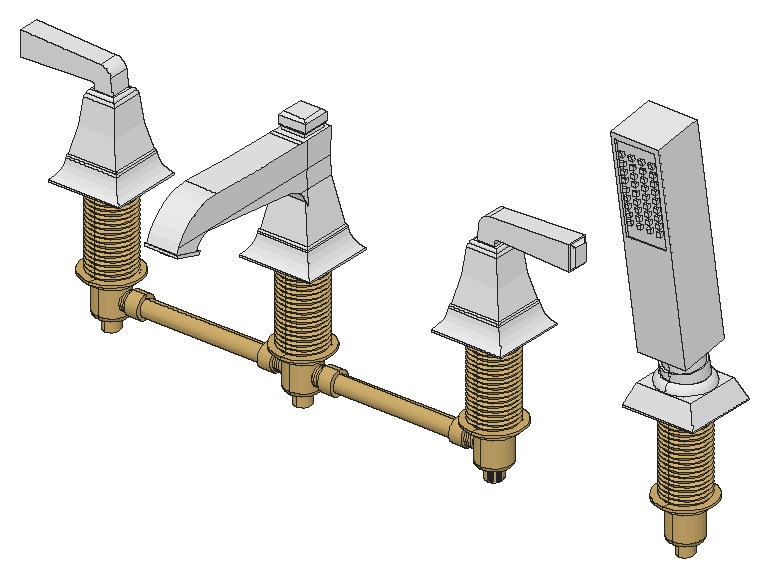
Revit family "Roman_Tub_Filler-American_Standard-Town_Square-T45590X", category Plumbing Fixtures, Revit 2014
Parameters (values of type "T455901")
  Width = 2 3/16"  # constant formula
  Waste Connection = no
  Warranty Information = "Limited Lifetime Function and Finish Warranty"  # constant formula
  WFU = 4
  Vent Connection = no
  URL = "https://www.americanstandard-us.com/"
  Specification = "Two handle deck-mount tub filler shall feature cast brass construction. Shall also feature 1/4 turn washerless ceramic disc valve cartridges."  # constant formula
  Shower Connection Size = if(Shower, 1/2", 0")  # 1/2"
  Shower Connection Description = if(Shower, "1/2'' Global Inlet Connection", "")  # "1/2'' Global Inlet Connection"
  Shower = yes
  R910 Universal Roman Tub Filler Rough Body – WITH Personal Shower = Shower  # yes
  R900 Universal Roman Tub Filler Rough Body – Less Personal Shower = not(Shower)  # no
  Product Page URL = "https://www.americanstandard-us.com/bathroom/tub-fillers/town-square-s-roman-tub-faucet-with-personal-shower-33657"
  Product Documentation Link = "https://www.americanstandard-us.com/-/media/sites/asus/files/product-specs/tub-fillers/2018/town-square-s-roman-tub-filler-t45590x/specsheet-t455900-t455901.pdf?la=en"
  Price = "Prices may vary. Please consult Manufacturer Representative for most up-to-date price list."  # constant formula
  Model = "T455901"
  Material = "Brass-American Standard-002-Polished Chrome"
  Manufacturer = "American Standard"  # constant formula
  Length = 12"
  Installation Type = "Deck Mounted"  # constant formula
  Hot Water Connection Radius = 1/4"  # constant formula
  Hot Water Connection Diameter = Hot Water Connection Radius * 2  # 1/2"
  Height = 4 3/8"  # constant formula
  Hand Shower = 12"
  HWFU = 3
  HW Connection = yes
  Flow Rate = "1.2 gpm/ 4.5 L/min."  # constant formula
  Finish = Metal-American Standard-002-Polished Chrome
  Description = "T455901 Roman Tub Filler Trim WITH Personal Shower, R910 Universal Roman Tub Filler Rough Body – WITH Personal Shower"
  Default Elevation = 0"
  Creation Date = "5/31/2018"  # constant formula
  Cold Water Connection Radius = 1/4"  # constant formula
  Cold Water Connection Diameter = Cold Water Connection Radius * 2  # 1/2"
  CWFU = 3
  CW Connection = yes
  Assembly Code = "D2020300"
  ADA Compliant = yes
Reference planes
  plane 1 "Center (Front/Back)": y = 0.002
  plane 2: z = 0
  plane 3 "Center (Left/Right)": x = 0
  plane 4: z = 0.794
  plane 5: z = 0.794
  plane 6: z = 95.25
  plane 7: y = -131.76
  plane 8: z = 103.188
  plane 9: z = 58.738
  plane 10: x = 27.781
  plane 11: x = -27.781
  plane 12: y = 27.784
  plane 13: y = -27.779
  plane 14: y = 20.64
  plane 15: y = -20.635
  plane 16: x = -131.763
  plane 17: x = -173.038
  plane 18: x = -152.4
  plane 19: x = 152.4
  plane 20: y = 20.64
  plane 21: y = -20.635
  plane 22: x = 173.037
  plane 23: x = 131.762
  plane 24: x = 221.288
  plane 25: x = -221.285
  plane 26: x = 304.8
  plane 27: x = 323.85
  plane 28: x = 285.75
  plane 29: y = 20.64
  plane 30: y = -20.635
  plane 31: x = 325.438
  plane 32: x = 284.162
  plane 33: x = 123.333
  plane 34: x = 139.924
  plane 35: x = -29.067
  plane 36: x = -12.476
  plane 37: x = 12.372
  plane 38: x = 28.963
  plane 39: x = -124.914
  plane 40: x = -141.459
  plane 41: x = -19.046
  plane 42: x = 18.942
  plane 43: x = 133.354
Forms (mm)
  Extrusion 1, solid, material "Brass-American Standard"
    sketch origin (-50.8, 6.35, 0) x (1, 0, 0) y (0, 1, 0)
      loop
        circle (-101.6, -6.348) r 6.35
      loop
        circle (203.2, -6.348) r 6.35
    from -68.89 to -105.537
  Extrusion 2, solid, material "Metal-American Standard-002-Polished Chrome" <- "Finish"
    sketch origin (0, -0.878, -9.964) x (0, 1, 0) y (0, 0, 1)
      loop
        line (-139.495, 74.77) -> (-120.948, 69.22)
        arc (-120.948, 69.22) -> (-116.345, 75.994) -> (-108.828, 79.246) r 14.674
        line (-108.828, 79.246) -> (-27.784, 70.109)
        arc (-27.784, 70.109) -> (-17.403, 65.429) -> (-11.708, 55.568) r 18.562
        line (-11.708, 55.568) -> (-11.708, 54.651) -> (-10.15, 54.651) -> (-10.15, 100.496) -> (-13.409, 100.496)
        arc (-13.409, 100.496) -> (-15.281, 100.499) -> (-17.153, 100.509) r 525.892
        arc (-17.153, 100.509) -> (-58.647, 101.095) -> (-100.128, 102.261) r 2965.985
        arc (-100.128, 102.261) -> (-124.402, 95.09) -> (-139.495, 74.77) r 39.95
    from -13.854 to 13.854
  Extrusion 3, solid, material "Metal-American Standard-002-Polished Chrome" <- "Finish"
    sketch origin (0, 0.595, -5.358) x (0, 1, 0) y (0, 0, 1)
      loop
        line (-141.4, 71.191) -> (-142.039, 69.051) -> (-120.674, 62.671) -> (-120.035, 64.81) -> (-141.4, 71.191)
    from -13.069 to 13.25
  Revolve 4, solid, material "Metal-American Standard-002-Polished Chrome" <- "Finish"
    sketch origin (0, 0.595, -5.358) x (0, 1, 0) y (0, 0, 1)
      loop
        line (-140.401, 69.757) -> (-140.5, 68.88)
        arc (-140.5, 68.88) -> (-140.347, 68.02) -> (-139.75, 67.382) r 1.538
        arc (-139.75, 67.382) -> (-135.994, 65.53) -> (-132.008, 64.243) r 28.776
        line (-132.008, 64.243) -> (-131.183, 67.004) -> (-140.401, 69.757)
      axis (-131.183, 67.004) -> (-132.008, 64.243)
    angle from 0 to 360
  Sweep 5, solid, material "Metal-American Standard-002-Polished Chrome" <- "Finish"
    path origin (-20.058, 0.008, 14.686) x (1, 0, 0) y (0, 1, 0)
      loop
        line (40.696, 20.632) -> (-0.579, 20.632) -> (-0.579, -20.643) -> (40.696, -20.643) -> (40.696, 20.632)
    profile origin (20.638, 0.002, 14.686) x (1, 0, 0) y (0, 0, 1)
      loop
        line (-13.695, -13.933) -> (7.134, -13.933) -> (7.134, -12.672)
        arc (7.134, -12.672) -> (1.793, -5.716) -> (-0.565, 2.731) r 23.064
        arc (-0.565, 2.731) -> (-0.78, 3.331) -> (-0.849, 3.966) r 2.689
        arc (-0.849, 3.966) -> (-1.12, 4.844) -> (-1.852, 5.399) r 1.5
        arc (-1.852, 5.399) -> (-5.865, 23.107) -> (-8.138, 41.121) r 186.689
        arc (-8.138, 41.121) -> (-8.547, 48.16) -> (-8.69, 55.21) r 186.689
        arc (-8.69, 55.21) -> (-8.631, 65.529) -> (-8.426, 75.846) r 730.628
        line (-8.426, 75.846) -> (-11.454, 75.846) -> (-11.774, 77.662) -> (-10.057, 79.779) -> (-10.057, 86.029) -> (-12.063, 88.502) -> (-13.695, 88.502) -> (-13.695, -13.933)
  Sweep 6, solid, material "Metal-American Standard-002-Polished Chrome" <- "Finish"
    path origin (-432.055, -877.449, 14.686) x (-1, 0, 0) y (0, -1, 0)
      loop
        line (-300.292, -856.813) -> (-300.292, -898.088) -> (-259.017, -898.088) -> (-259.017, -856.813) -> (-300.292, -856.813)
    profile origin (-152.4, -20.635, 14.686) x (0, -1, 0) y (0, 0, 1)
      loop
        line (-12.866, -13.892) -> (7.144, -13.892) -> (7.144, -12.672)
        arc (7.144, -12.672) -> (1.803, -5.716) -> (-0.555, 2.731) r 23.064
        arc (-0.555, 2.731) -> (-0.786, 3.35) -> (-0.86, 4.007) r 2.689
        arc (-0.86, 4.007) -> (-1.131, 4.885) -> (-1.863, 5.44) r 1.5
        arc (-1.863, 5.44) -> (-6.239, 25.314) -> (-8.426, 45.545) r 186.689
        arc (-8.426, 45.545) -> (-8.794, 47.021) -> (-9.685, 48.252) r 4.004
        arc (-9.685, 48.252) -> (-10.288, 49.707) -> (-11.743, 50.31) r 2.057
        line (-11.743, 50.31) -> (-12.866, 50.31) -> (-12.866, -13.892)
  Sweep 7, solid, material "Metal-American Standard-002-Polished Chrome" <- "Finish"
    path origin (1142.745, -877.448, 14.686) x (-1, 0, 0) y (0, -1, 0)
      loop
        line (969.708, -856.813) -> (969.708, -898.088) -> (1010.983, -898.088) -> (1010.983, -856.813) -> (969.708, -856.813)
    profile origin (152.4, -20.635, 14.686) x (0, -1, 0) y (0, 0, 1)
      loop
        line (-12.866, -13.892) -> (7.144, -13.892) -> (7.144, -12.672)
        arc (7.144, -12.672) -> (1.803, -5.716) -> (-0.555, 2.731) r 23.064
        arc (-0.555, 2.731) -> (-0.786, 3.35) -> (-0.86, 4.007) r 2.689
        arc (-0.86, 4.007) -> (-1.131, 4.885) -> (-1.863, 5.44) r 1.5
        arc (-1.863, 5.44) -> (-6.239, 25.314) -> (-8.426, 45.545) r 186.689
        arc (-8.426, 45.545) -> (-8.794, 47.021) -> (-9.685, 48.252) r 4.004
        arc (-9.685, 48.252) -> (-10.288, 49.707) -> (-11.743, 50.31) r 2.057
        line (-11.743, 50.31) -> (-12.866, 50.31) -> (-12.866, -13.892)
  Extrusion 8, solid, material "Metal-American Standard-002-Polished Chrome" <- "Finish"
    sketch origin (0, 0.002, 0) x (1, 0, 0) y (0, 0, 1)
      loop
        line (-145.49, 64.915) -> (-146.577, 77.338)
        arc (-146.577, 77.338) -> (-149.465, 82.377) -> (-154.864, 84.518) r 8.799
        line (-154.864, 84.518) -> (-221.285, 87.254) -> (-221.285, 67.487) -> (-162.591, 70.563)
        arc (-162.591, 70.563) -> (-160.13, 69.618) -> (-159.186, 67.157) r 3.24
        line (-159.186, 67.157) -> (-159.303, 64.915) -> (-145.49, 64.915)
    from -7.772 to 7.772
  Sweep 9, void
    path origin (-221.285, 0.002, 87.254) x (0, 0, -1) y (0, -1, 0)
      loop
        line (0, -7.695) -> (19.768, -7.695) -> (19.768, 7.706) -> (0, 7.706) -> (0, -7.695)
    profile origin (-221.285, -0.003, 87.254) x (0, 0, 1) y (-1, 0, 0)
      loop
        line (1.152, 1.276) -> (-3.016, 1.276) -> (-3.016, -0.184)
        arc (-3.016, -0.184) -> (-2.232, -2.076) -> (-0.341, -2.859) r 2.675
        line (-0.341, -2.859) -> (1.152, -2.859) -> (1.152, 1.276)
  Extrusion 10, void
    sketch origin (0, 0.002, 0) x (1, 0, 0) y (0, 0, 1)
      loop
        arc (12.499, 55.807) -> (14.773, 37.793) -> (18.785, 20.085) r 186.689
        line (18.785, 20.085) -> (27.781, 20.085) -> (27.781, 108.985) -> (-27.781, 108.985) -> (-27.781, 20.085) -> (-18.785, 20.085)
        arc (-18.785, 20.085) -> (-14.773, 37.793) -> (-12.499, 55.807) r 186.689
        arc (-12.499, 55.807) -> (-12.09, 62.846) -> (-11.948, 69.895) r 186.689
        arc (-11.948, 69.895) -> (-12.025, 81.562) -> (-12.288, 93.226) r 730.628
        line (-12.288, 93.226) -> (-12.288, 104.43) -> (12.289, 104.43) -> (12.289, 93.234)
        arc (12.289, 93.234) -> (12.025, 81.566) -> (11.948, 69.895) r 730.628
        arc (11.948, 69.895) -> (12.09, 62.846) -> (12.499, 55.807) r 186.689
    from -37.458 to 150.212
  Extrusion 11, solid, material "Metal-American Standard-002-Polished Chrome" <- "Finish"
    sketch origin (0, 9.525, 22.623) x (-1, 0, 0) y (0, -1, 0)
      loop
        line (144.628, 1.751) -> (160.172, 1.751) -> (160.172, 17.294) -> (144.628, 17.294) -> (144.628, 1.751)
    from -21.829 to 42.372
  Extrusion 12, solid, material "Metal-American Standard-002-Polished Chrome" <- "Finish"
    sketch origin (0, 9.525, 22.623) x (-1, 0, 0) y (0, -1, 0)
      loop
        line (-144.628, 1.751) -> (-144.628, 17.294) -> (-160.172, 17.294) -> (-160.172, 1.751) -> (-144.628, 1.751)
    from -21.829 to 42.292
  Extrusion 13, solid, material "Metal-American Standard-002-Polished Chrome" <- "Finish"
    sketch origin (0, 0, 0) x (1, 0, 0) y (0, 1, 0)
      loop
        line (-6.943, 6.945) -> (-6.943, -6.94) -> (6.943, -6.94) -> (6.943, 6.945) -> (-6.943, 6.945)
    from 0.794 to 103.188
  Extrusion 14, solid, material "Metal-American Standard-002-Polished Chrome" <- "Finish", visible <- "Shower"
    sketch origin (304.8, -4527.083, 832.445) x (0, 0, 1) y (0, -1, 0)
      loop
        line (-785.178, -4541.457) -> (-616.545, -4514.109) -> (-622.648, -4476.481) -> (-791.446, -4503.856) -> (-785.178, -4541.457)
    from -19.05 to 19.05
  Revolve 15, solid, material "Metal-American Standard-002-Polished Chrome" <- "Finish", visible <- "Shower"
    sketch origin (304.8, -4527.083, 837.955) x (0, 0, 1) y (0, -1, 0)
      loop
        line (-820.539, -4527.085) -> (-814.308, -4527.085) -> (-814.308, -4510.487)
        arc (-814.308, -4510.487) -> (-817.002, -4507.826) -> (-820.539, -4506.475) r 9.199
        line (-820.539, -4506.475) -> (-820.539, -4527.085)
      axis (-820.539, -4527.085) -> (-814.308, -4527.085)
    angle from 0 to 360
  Revolve 16, solid, material "Metal-American Standard-002-Polished Chrome" <- "Finish", visible <- "Shower"
    sketch origin (304.8, -4527.083, 844.803) x (0, 0, 1) y (0, -1, 0)
      loop
        line (-815.045, -4510.294) -> (-826.095, -4512.122) -> (-826.095, -4527.755) -> (-801.118, -4523.704) -> (-801.118, -4509.667) -> (-814.787, -4511.884) -> (-815.045, -4510.294)
      axis (-826.08, -4527.85) -> (-798.856, -4523.348)
    angle from 0 to 360
  Sweep 17, solid, material "Metal-American Standard-002-Polished Chrome" <- "Finish", visible <- "Shower"
    path origin (3047.745, -877.448, 14.686) x (-1, 0, 0) y (0, -1, 0)
      loop
        line (2722.308, -856.813) -> (2722.308, -898.088) -> (2763.583, -898.088) -> (2763.583, -856.813) -> (2722.308, -856.813)
    profile origin (304.8, -20.635, 14.686) x (0, -1, 0) y (0, 0, 1)
      loop
        line (7.144, -13.892) -> (7.144, -12.672) -> (0.921, 2.731) -> (-12.866, 2.731) -> (-12.866, -13.892) -> (7.144, -13.892)
  Extrusion 18, void
    sketch origin (304.8, -23.226, 40.999) x (0, 0.160085, -0.987103) y (-1, 0, 0)
      loop
        line (-167.126, 16.44) -> (-167.126, -15.31) -> (-90.926, -15.31) -> (-90.926, 16.44) -> (-167.126, 16.44)
    from 0 to 1.072
  Extrusion 19, solid, material "Metal-American Standard-002-Polished Chrome" <- "Finish", visible <- "Shower"
    sketch origin (304.8, -23.226, 40.999) x (0, -0.160085, 0.987103) y (-1, 0, 0)
      loop
        line (158.004, 14.044) -> (154.829, 14.044) -> (154.829, 10.899) -> (158.004, 10.899) -> (158.004, 14.044)
      loop
        line (158.004, 6.106) -> (154.829, 6.106) -> (154.829, 2.962) -> (158.004, 2.962) -> (158.004, 6.106)
      loop
        line (158.004, -1.831) -> (154.829, -1.831) -> (154.829, -4.976) -> (158.004, -4.976) -> (158.004, -1.831)
      loop
        line (158.004, -9.769) -> (154.829, -9.769) -> (154.829, -12.913) -> (158.004, -12.913) -> (158.004, -9.769)
      loop
        line (130.613, 14.044) -> (127.438, 14.044) -> (127.438, 10.899) -> (130.613, 10.899) -> (130.613, 14.044)
      loop
        line (130.613, 6.106) -> (127.438, 6.106) -> (127.438, 2.962) -> (130.613, 2.962) -> (130.613, 6.106)
      loop
        line (130.613, -1.831) -> (127.438, -1.831) -> (127.438, -4.976) -> (130.613, -4.976) -> (130.613, -1.831)
      loop
        line (130.613, -9.769) -> (127.438, -9.769) -> (127.438, -12.913) -> (130.613, -12.913) -> (130.613, -9.769)
      loop
        line (101.635, 14.044) -> (101.635, 10.899) -> (104.81, 10.899) -> (104.81, 14.044) -> (101.635, 14.044)
      loop
        line (101.635, 6.106) -> (101.635, 2.962) -> (104.81, 2.962) -> (104.81, 6.106) -> (101.635, 6.106)
      loop
        line (101.635, -1.831) -> (101.635, -4.976) -> (104.81, -4.976) -> (104.81, -1.831) -> (101.635, -1.831)
      loop
        line (101.635, -9.769) -> (101.635, -12.913) -> (104.81, -12.913) -> (104.81, -9.769) -> (101.635, -9.769)
      loop
        line (107.985, 14.044) -> (107.985, 10.899) -> (111.16, 10.899) -> (111.16, 14.044) -> (107.985, 14.044)
      loop
        line (107.985, 6.106) -> (107.985, 2.962) -> (111.16, 2.962) -> (111.16, 6.106) -> (107.985, 6.106)
      loop
        line (107.985, -1.831) -> (107.985, -4.976) -> (111.16, -4.976) -> (111.16, -1.831) -> (107.985, -1.831)
      loop
        line (107.985, -9.769) -> (107.985, -12.913) -> (111.16, -12.913) -> (111.16, -9.769) -> (107.985, -9.769)
      loop
        line (114.335, 14.044) -> (114.335, 10.899) -> (117.51, 10.899) -> (117.51, 14.044) -> (114.335, 14.044)
      loop
        line (114.335, 6.106) -> (114.335, 2.962) -> (117.51, 2.962) -> (117.51, 6.106) -> (114.335, 6.106)
      loop
        line (114.335, -1.831) -> (114.335, -4.976) -> (117.51, -4.976) -> (117.51, -1.831) -> (114.335, -1.831)
      loop
        line (114.335, -9.769) -> (114.335, -12.913) -> (117.51, -12.913) -> (117.51, -9.769) -> (114.335, -9.769)
      loop
        line (120.685, 14.044) -> (120.685, 10.899) -> (123.86, 10.899) -> (123.86, 14.044) -> (120.685, 14.044)
      loop
        line (120.685, 6.106) -> (120.685, 2.962) -> (123.86, 2.962) -> (123.86, 6.106) -> (120.685, 6.106)
      loop
        line (120.685, -1.831) -> (120.685, -4.976) -> (123.86, -4.976) -> (123.86, -1.831) -> (120.685, -1.831)
      loop
        line (120.685, -9.769) -> (120.685, -12.913) -> (123.86, -12.913) -> (123.86, -9.769) -> (120.685, -9.769)
      loop
        line (150.854, 14.044) -> (147.679, 14.044) -> (147.679, 10.899) -> (150.854, 10.899) -> (150.854, 14.044)
      loop
        line (150.854, 6.106) -> (147.679, 6.106) -> (147.679, 2.962) -> (150.854, 2.962) -> (150.854, 6.106)
      loop
        line (150.854, -1.831) -> (147.679, -1.831) -> (147.679, -4.976) -> (150.854, -4.976) -> (150.854, -1.831)
      loop
        line (150.854, -9.769) -> (147.679, -9.769) -> (147.679, -12.913) -> (150.854, -12.913) -> (150.854, -9.769)
      loop
        line (134.575, 14.044) -> (134.575, 10.899) -> (137.75, 10.899) -> (137.75, 14.044) -> (134.575, 14.044)
      loop
        line (134.575, 6.106) -> (134.575, 2.962) -> (137.75, 2.962) -> (137.75, 6.106) -> (134.575, 6.106)
      loop
        line (134.575, -1.831) -> (134.575, -4.976) -> (137.75, -4.976) -> (137.75, -1.831) -> (134.575, -1.831)
      loop
        line (134.575, -9.769) -> (134.575, -12.913) -> (137.75, -12.913) -> (137.75, -9.769) -> (134.575, -9.769)
      loop
        line (140.925, 14.044) -> (140.925, 10.899) -> (144.1, 10.899) -> (144.1, 14.044) -> (140.925, 14.044)
      loop
        line (140.925, 6.106) -> (140.925, 2.962) -> (144.1, 2.962) -> (144.1, 6.106) -> (140.925, 6.106)
      loop
        line (140.925, -1.831) -> (140.925, -4.976) -> (144.1, -4.976) -> (144.1, -1.831) -> (140.925, -1.831)
      loop
        line (140.925, -9.769) -> (140.925, -12.913) -> (144.1, -12.913) -> (144.1, -9.769) -> (140.925, -9.769)
    from -8.238 to 0.839
  Revolve 20, solid, material "Brass-American Standard"
    sketch origin (-152.4, -7.769, 1201.841) x (0, -1, 0) y (0, 0, 1)
      loop
        line (9.691, -1201.047) -> (-7.772, -1201.047) -> (-7.772, -1307.377) -> (-1.422, -1307.377) -> (-1.422, -1299.339)
        arc (-1.422, -1299.339) -> (-0.714, -1297.632) -> (0.993, -1296.924) r 2.415
        line (0.993, -1296.924) -> (2.406, -1296.924)
        arc (2.406, -1296.924) -> (4.333, -1296.126) -> (5.132, -1294.199) r 2.726
        line (5.132, -1294.199) -> (5.132, -1272.124) -> (3.739, -1270.731) -> (10.291, -1270.731) -> (10.291, -1266.999) -> (14.349, -1266.999) -> (14.349, -1265.364) -> (8.111, -1265.364) -> (9.691, -1263.785) -> (8.04, -1262.134) -> (9.691, -1260.483) -> (8.04, -1258.832) -> (9.691, -1257.181) -> (8.04, -1255.53) -> (9.691, -1253.879) -> (8.04, -1252.228) -> (9.691, -1250.577) -> (8.04, -1248.926) -> (9.691, -1247.275) -> (8.04, -1245.624) -> (9.691, -1243.973) -> (8.04, -1242.322) -> (9.691, -1240.671) -> (8.04, -1239.02) -> (9.691, -1237.369) -> (8.04, -1235.718) -> (9.691, -1234.067) -> (8.04, -1232.416) -> (9.691, -1230.765) -> (8.04, -1229.114) -> (9.691, -1227.463) -> (8.04, -1225.812) -> (9.691, -1224.161) -> (8.04, -1222.51) -> (9.691, -1220.859) -> (8.04, -1219.208) -> (9.691, -1217.557) -> (8.04, -1215.906) -> (9.691, -1214.255) -> (8.04, -1212.604) -> (9.691, -1210.953) -> (8.04, -1209.302) -> (9.691, -1207.651) -> (8.04, -1206) -> (9.691, -1204.349) -> (8.04, -1202.698) -> (9.691, -1201.047)
      axis (-7.772, -1307.377) -> (-7.772, -1201.047)
    angle from 0 to 360
  Revolve 21, solid, material "Brass-American Standard", visible <- "Shower"
    sketch origin (304.8, -4527.083, 832.445) x (0, 0, 1) y (0, -1, 0)
      loop
        line (-831.652, -4509.623) -> (-833.303, -4511.274) -> (-834.953, -4509.623) -> (-836.604, -4511.274) -> (-838.255, -4509.623) -> (-839.906, -4511.274) -> (-841.557, -4509.623) -> (-843.208, -4511.274) -> (-844.859, -4509.623) -> (-846.51, -4511.274) -> (-848.161, -4509.623) -> (-849.812, -4511.274) -> (-851.463, -4509.623) -> (-853.114, -4511.274) -> (-854.765, -4509.623) -> (-856.416, -4511.274) -> (-858.067, -4509.623) -> (-859.718, -4511.274) -> (-861.369, -4509.623) -> (-863.02, -4511.274) -> (-864.671, -4509.623) -> (-866.322, -4511.274) -> (-867.973, -4509.623) -> (-869.624, -4511.274) -> (-871.275, -4509.623) -> (-872.926, -4511.274) -> (-874.577, -4509.623) -> (-876.228, -4511.274) -> (-877.879, -4509.623) -> (-879.53, -4511.274) -> (-881.181, -4509.623) -> (-882.832, -4511.274) -> (-884.483, -4509.623) -> (-886.134, -4511.274) -> (-887.785, -4509.623) -> (-889.436, -4511.274) -> (-891.087, -4509.623) -> (-892.738, -4511.274) -> (-894.389, -4509.623) -> (-895.969, -4511.202) -> (-895.969, -4504.965) -> (-897.603, -4504.965) -> (-897.603, -4509.022) -> (-901.335, -4509.022) -> (-901.335, -4515.575) -> (-902.728, -4514.182) -> (-924.803, -4514.182)
        arc (-924.803, -4514.182) -> (-926.731, -4514.98) -> (-927.529, -4516.908) r 2.726
        line (-927.529, -4516.908) -> (-927.529, -4518.32)
        arc (-927.529, -4518.32) -> (-928.236, -4520.028) -> (-929.944, -4520.735) r 2.415
        line (-929.944, -4520.735) -> (-937.982, -4520.735) -> (-937.982, -4527.085) -> (-831.652, -4527.085) -> (-831.652, -4509.623)
      axis (-937.982, -4527.085) -> (-831.652, -4527.085)
    angle from 0 to 360
  Revolve 22, solid, material "Brass-American Standard"
    sketch origin (0, -7.769, 1201.841) x (0, -1, 0) y (0, 0, 1)
      loop
        line (9.691, -1201.047) -> (-7.772, -1201.047) -> (-7.772, -1307.377) -> (-1.422, -1307.377) -> (-1.422, -1299.339)
        arc (-1.422, -1299.339) -> (-0.714, -1297.632) -> (0.993, -1296.924) r 2.415
        line (0.993, -1296.924) -> (2.406, -1296.924)
        arc (2.406, -1296.924) -> (4.333, -1296.126) -> (5.132, -1294.199) r 2.726
        line (5.132, -1294.199) -> (5.132, -1272.124) -> (3.739, -1270.731) -> (10.291, -1270.731) -> (10.291, -1266.999) -> (14.349, -1266.999) -> (14.349, -1265.364) -> (8.111, -1265.364) -> (9.691, -1263.785) -> (8.04, -1262.134) -> (9.691, -1260.483) -> (8.04, -1258.832) -> (9.691, -1257.181) -> (8.04, -1255.53) -> (9.691, -1253.879) -> (8.04, -1252.228) -> (9.691, -1250.577) -> (8.04, -1248.926) -> (9.691, -1247.275) -> (8.04, -1245.624) -> (9.691, -1243.973) -> (8.04, -1242.322) -> (9.691, -1240.671) -> (8.04, -1239.02) -> (9.691, -1237.369) -> (8.04, -1235.718) -> (9.691, -1234.067) -> (8.04, -1232.416) -> (9.691, -1230.765) -> (8.04, -1229.114) -> (9.691, -1227.463) -> (8.04, -1225.812) -> (9.691, -1224.161) -> (8.04, -1222.51) -> (9.691, -1220.859) -> (8.04, -1219.208) -> (9.691, -1217.557) -> (8.04, -1215.906) -> (9.691, -1214.255) -> (8.04, -1212.604) -> (9.691, -1210.953) -> (8.04, -1209.302) -> (9.691, -1207.651) -> (8.04, -1206) -> (9.691, -1204.349) -> (8.04, -1202.698) -> (9.691, -1201.047)
      axis (-7.772, -1307.377) -> (-7.772, -1201.047)
    angle from 0 to 360
  Revolve 23, solid, material "Brass-American Standard"
    sketch origin (152.4, -7.769, 1201.841) x (0, -1, 0) y (0, 0, 1)
      loop
        line (9.691, -1201.047) -> (-7.772, -1201.047) -> (-7.772, -1307.377) -> (-1.422, -1307.377) -> (-1.422, -1299.339)
        arc (-1.422, -1299.339) -> (-0.714, -1297.632) -> (0.993, -1296.924) r 2.415
        line (0.993, -1296.924) -> (2.406, -1296.924)
        arc (2.406, -1296.924) -> (4.333, -1296.126) -> (5.132, -1294.199) r 2.726
        line (5.132, -1294.199) -> (5.132, -1272.124) -> (3.739, -1270.731) -> (10.291, -1270.731) -> (10.291, -1266.999) -> (14.349, -1266.999) -> (14.349, -1265.364) -> (8.111, -1265.364) -> (9.691, -1263.785) -> (8.04, -1262.134) -> (9.691, -1260.483) -> (8.04, -1258.832) -> (9.691, -1257.181) -> (8.04, -1255.53) -> (9.691, -1253.879) -> (8.04, -1252.228) -> (9.691, -1250.577) -> (8.04, -1248.926) -> (9.691, -1247.275) -> (8.04, -1245.624) -> (9.691, -1243.973) -> (8.04, -1242.322) -> (9.691, -1240.671) -> (8.04, -1239.02) -> (9.691, -1237.369) -> (8.04, -1235.718) -> (9.691, -1234.067) -> (8.04, -1232.416) -> (9.691, -1230.765) -> (8.04, -1229.114) -> (9.691, -1227.463) -> (8.04, -1225.812) -> (9.691, -1224.161) -> (8.04, -1222.51) -> (9.691, -1220.859) -> (8.04, -1219.208) -> (9.691, -1217.557) -> (8.04, -1215.906) -> (9.691, -1214.255) -> (8.04, -1212.604) -> (9.691, -1210.953) -> (8.04, -1209.302) -> (9.691, -1207.651) -> (8.04, -1206) -> (9.691, -1204.349) -> (8.04, -1202.698) -> (9.691, -1201.047)
      axis (-7.772, -1307.377) -> (-7.772, -1201.047)
    angle from 0 to 360
  Revolve 24, solid, material "Brass-American Standard"
    sketch origin (0, 0.002, 0) x (1, 0, 0) y (0, 0, 1)
      loop
        line (-152.4, -81.556) -> (-152.4, -87.906) -> (-141.459, -87.906) -> (-140.638, -88.728) -> (-139.817, -87.906) -> (-138.996, -88.728) -> (-138.174, -87.906) -> (-137.353, -88.728) -> (-136.532, -87.906) -> (-135.71, -88.728) -> (-134.889, -87.906) -> (-134.889, -90.399) -> (-124.914, -90.399) -> (-124.914, -87.906) -> (-29.067, -87.906) -> (-29.067, -90.399) -> (-19.046, -90.399) -> (-19.046, -87.906) -> (-18.225, -88.728) -> (-17.404, -87.906) -> (-16.582, -88.728) -> (-15.761, -87.906) -> (-14.94, -88.728) -> (-14.118, -87.906) -> (-13.297, -88.728) -> (-12.476, -87.906) -> (12.372, -87.906) -> (13.193, -88.728) -> (14.014, -87.906) -> (14.836, -88.728) -> (15.657, -87.906) -> (16.478, -88.728) -> (17.299, -87.906) -> (18.121, -88.728) -> (18.942, -87.906) -> (18.942, -90.399) -> (28.963, -90.399) -> (28.963, -87.906) -> (123.333, -87.906) -> (123.333, -90.399) -> (133.354, -90.399) -> (133.354, -87.906) -> (134.175, -88.728) -> (134.996, -87.906) -> (135.818, -88.728) -> (136.639, -87.906) -> (137.46, -88.728) -> (138.282, -87.906) -> (139.103, -88.728) -> (139.924, -87.906) -> (152.4, -87.906) -> (152.4, -81.556) -> (-152.4, -81.556)
      axis (152.4, -81.556) -> (-152.4, -81.556)
    angle from 0 to 360
  Extrusion 25, solid, material "Metal-American Standard-002-Polished Chrome" <- "Finish"
    sketch origin (0, 0.002, 0) x (-1, 0, 0) y (0, 0, -1)
      loop
        line (-145.49, -64.915) -> (-159.303, -64.915) -> (-159.186, -67.157)
        arc (-159.186, -67.157) -> (-160.13, -69.618) -> (-162.591, -70.563) r 3.24
        line (-162.591, -70.563) -> (-221.285, -67.487) -> (-221.285, -87.254) -> (-154.864, -84.518)
        arc (-154.864, -84.518) -> (-149.465, -82.377) -> (-146.577, -77.338) r 8.799
        line (-146.577, -77.338) -> (-145.49, -64.915)
    from -7.772 to 7.772
  Sweep 26, void
    path origin (221.285, 0.002, 87.254) x (0, 0, -1) y (0, 1, 0)
      loop
        line (0, 7.695) -> (0, -7.707) -> (19.768, -7.707) -> (19.768, 7.695) -> (0, 7.695)
    profile origin (221.285, -0.003, 87.254) x (0, 0, -1) y (1, 0, 0)
      loop
        line (-1.152, 1.276) -> (-1.152, -2.859) -> (0.341, -2.859)
        arc (0.341, -2.859) -> (2.232, -2.076) -> (3.016, -0.184) r 2.675
        line (3.016, -0.184) -> (3.016, 1.276) -> (-1.152, 1.276)
Cuts and joins
  Extrusion 10 cuts Revolve 4
  joined: Extrusion 3, Revolve 4
  Sweep 26 cuts Sweep 6
  Sweep 9, Sweep 26 cuts Extrusion 8
  Sweep 26 cuts Extrusion 11
  joined: Sweep 6, Extrusion 8, Extrusion 11
  Extrusion 10 cuts Extrusion 2
  Extrusion 10 cuts Sweep 5
  joined: Extrusion 2, Sweep 5, Extrusion 13
  joined: Sweep 7, Extrusion 12
  Extrusion 18 cuts Extrusion 14
  joined: Extrusion 14, Revolve 16, Extrusion 19
  joined: Extrusion 1, Revolve 20
  Sweep 26 cuts Extrusion 25
Lines and regions (mm)
  Masking region 1
    outline origin (0, 9.525, 22.623) x (-1, 0, 0) y (0, -1, 0)
      loop
        line (12.214, 37.304) -> (12.214, 129.56) -> (13.069, 129.56) -> (13.069, 151.564) -> (-13.25, 151.564) -> (-13.25, 129.56) -> (-12.214, 129.56) -> (-12.214, 37.304) -> (-27.781, 37.304) -> (-27.781, -18.259) -> (27.781, -18.259) -> (27.781, 37.304) -> (12.214, 37.304)
  Masking region 2
    outline origin (0, 9.525, 22.623) x (-1, 0, 0) y (0, -1, 0)
      loop
        line (180.181, 37.304) -> (124.619, 37.304) -> (124.619, -18.259) -> (180.181, -18.259) -> (180.181, 1.751) -> (218.458, 1.751)
        arc (218.458, 1.751) -> (219.128, 3.975) -> (221.285, 4.837) r 2.675
        line (221.285, 4.837) -> (221.285, 14.22)
        arc (221.285, 14.22) -> (219.132, 15.077) -> (218.456, 17.294) r 2.675
        line (218.456, 17.294) -> (180.181, 17.294) -> (180.181, 37.304)
  Masking region 3
    outline origin (0, 9.525, 22.623) x (-1, 0, 0) y (0, -1, 0)
      loop
        line (-124.619, -18.259) -> (-124.619, 37.304) -> (-180.181, 37.304) -> (-180.181, 17.229) -> (-218.915, 17.229)
        arc (-218.915, 17.229) -> (-219.641, 15.597) -> (-221.288, 14.906) r 2.423
        line (-221.288, 14.906) -> (-221.288, 4.15)
        arc (-221.288, 4.15) -> (-219.641, 3.459) -> (-218.915, 1.827) r 2.423
        line (-218.915, 1.827) -> (-180.181, 1.827) -> (-180.181, -18.259) -> (-124.619, -18.259)
  Masking region 4, visible <- "Shower"
    outline origin (0, 9.525, 22.623) x (-1, 0, 0) y (0, -1, 0)
      loop
        line (-277.019, -18.259) -> (-277.019, 37.304) -> (-285.75, 37.304) -> (-285.75, 60.127) -> (-323.85, 60.127) -> (-323.85, 37.304) -> (-332.581, 37.304) -> (-332.581, -18.259) -> (-277.019, -18.259)
  Masking region 5
    outline origin (0, 9.525, 22.623) x (-1, 0, 0) y (0, -1, 0)
      loop
        line (-27.781, -18.259) -> (27.781, -18.259) -> (27.781, 37.304) -> (12.214, 37.304)
        spline (12.214, 37.304) -> (12.216, 44.945) -> (12.219, 52.585) -> (12.223, 60.225) -> (12.227, 67.865) -> (12.231, 75.505) -> (12.237, 83.144) -> (12.243, 90.782) -> (12.249, 98.42) -> (12.256, 106.057) -> (12.264, 113.694) -> (12.272, 121.33) -> (12.281, 128.965)
        line (12.281, 128.965) -> (13.069, 128.965) -> (13.069, 150.969) -> (-13.25, 150.969) -> (-13.25, 128.965) -> (-12.281, 128.965)
        spline (-12.281, 128.965) -> (-12.272, 121.33) -> (-12.264, 113.694) -> (-12.256, 106.057) -> (-12.249, 98.42) -> (-12.243, 90.782) -> (-12.237, 83.144) -> (-12.231, 75.505) -> (-12.227, 67.865) -> (-12.223, 60.225) -> (-12.219, 52.585) -> (-12.216, 44.945) -> (-12.214, 37.304)
        line (-12.214, 37.304) -> (-27.781, 37.304) -> (-27.781, -18.259)
  symbolic lines, detail levels medium+fine
    curve 1: spline (126.255, 19.796, 22.623) -> (126.267, 19.785, 22.623) -> (126.272, 19.78, 22.623) -> (126.271, 19.782, 22.623) -> (126.264, 19.79, 22.623) -> (126.25, 19.803, 22.623) -> (126.23, 19.823, 22.623) -> (126.204, 19.849, 22.623) -> (126.172, 19.881, 22.623) -> (126.134, 19.919, 22.623) -> (126.091, 19.962, 22.623) -> (126.042, 20.011, 22.623) -> (125.987, 20.065, 22.623)
    curve 2: spline (-11.876, -140.373, 22.623) -> (-11.912, -139.443, 22.623) -> (-11.947, -138.343, 22.623) -> (-11.98, -137.078, 22.623) -> (-12.013, -135.653, 22.623) -> (-12.044, -134.075, 22.623) -> (-12.073, -132.352, 22.623) -> (-12.101, -130.491, 22.623) -> (-12.126, -128.501, 22.623) -> (-12.15, -126.391, 22.623) -> (-12.172, -124.17, 22.623) -> (-12.191, -121.85, 22.623) -> (-12.209, -119.44, 22.623)
    curve 3: spline (12.066, -119.44, 22.623) -> (12.045, -121.85, 22.623) -> (12.025, -124.17, 22.623) -> (12.008, -126.39, 22.623) -> (11.993, -128.5, 22.623) -> (11.979, -130.49, 22.623) -> (11.968, -132.351, 22.623) -> (11.96, -134.074, 22.623) -> (11.953, -135.652, 22.623) -> (11.949, -137.077, 22.623) -> (11.948, -138.343, 22.623) -> (11.948, -139.443, 22.623) -> (11.951, -140.373, 22.623)
    curve 4: line (11.951, -140.373, 22.623) -> (-11.876, -140.373, 22.623)
    curve 5: line (-12.211, 12.213, 22.623) -> (-12.211, -27.779, 22.623)
    curve 6: line (12.211, 12.213, 22.623) -> (-12.211, 12.213, 22.623)
    curve 7: line (12.211, -27.769, 22.623) -> (12.211, 12.213, 22.623)
    curve 8: line (8.575, -8.572, 22.623) -> (-8.575, -8.572, 22.623)
    curve 9: line (-8.575, -8.572, 22.623) -> (-8.575, 8.577, 22.623)
    curve 10: line (-8.575, 8.577, 22.623) -> (8.575, 8.577, 22.623)
    curve 11: line (8.575, -8.572, 22.623) -> (8.575, 8.577, 22.623)
    curve 12: line (-18.785, 18.788, 22.623) -> (-18.785, -18.783, 22.623)
    curve 13: line (-18.785, -18.783, 22.623) -> (-12.211, -18.783, 22.623)
    curve 14: line (18.785, -18.783, 22.623) -> (18.785, 18.788, 22.623)
    curve 15: line (18.785, 18.788, 22.623) -> (-18.785, 18.788, 22.623)
    curve 16: line (12.211, -18.783, 22.623) -> (18.785, -18.783, 22.623)
    curve 50: line (-218.426, 7.774, 22.623) -> (-145.497, 7.774, 22.623)
    curve 51: line (-145.497, -7.769, 22.623) -> (-218.426, -7.769, 22.623)
    curve 52: line (-145.497, 7.774, 22.623) -> (-145.497, -7.769, 22.623)
    curve 53: line (-163.352, 10.955, 22.623) -> (-163.352, 7.774, 22.623)
    curve 54: line (-163.352, -10.95, 22.623) -> (-141.448, -10.95, 22.623)
    curve 55: line (-141.448, -10.95, 22.623) -> (-141.448, 10.955, 22.623)
    curve 56: line (-141.448, 10.955, 22.623) -> (-163.352, 10.955, 22.623)
    curve 57: line (-163.352, -7.769, 22.623) -> (-163.352, -10.95, 22.623)
    curve 58: line (-132.317, 20.085, 22.623) -> (-172.482, 20.085, 22.623)
    curve 59: line (-172.482, 20.085, 22.623) -> (-172.482, 7.774, 22.623)
    curve 60: line (-132.317, -20.08, 22.623) -> (-132.317, 20.085, 22.623)
    curve 61: line (-172.482, -20.08, 22.623) -> (-132.317, -20.08, 22.623)
    curve 62: line (-172.482, -7.769, 22.623) -> (-172.482, -20.08, 22.623)
    curve 63: line (145.493, 7.698, 22.623) -> (218.921, 7.698, 22.623)
    curve 64: line (218.921, -7.704, 22.623) -> (145.493, -7.704, 22.623)
    curve 65: line (145.493, -7.704, 22.623) -> (145.493, 7.698, 22.623)
    curve 66: line (163.352, 10.955, 22.623) -> (141.448, 10.955, 22.623)
    curve 67: line (141.448, 10.955, 22.623) -> (141.448, -10.95, 22.623)
    curve 68: line (141.448, -10.95, 22.623) -> (163.352, -10.95, 22.623)
    curve 69: line (163.352, -10.95, 22.623) -> (163.352, -7.704, 22.623)
    curve 70: line (132.318, 20.085, 22.623) -> (132.318, -20.08, 22.623)
    curve 71: line (132.318, -20.08, 22.623) -> (172.482, -20.08, 22.623)
    curve 72: line (172.482, -20.08, 22.623) -> (172.482, -7.704, 22.623)
    curve 73: line (172.482, 20.085, 22.623) -> (132.318, 20.085, 22.623)
    curve 74: line (172.482, 7.698, 22.623) -> (172.482, 20.085, 22.623)
    curve 75: line (163.352, 7.698, 22.623) -> (163.352, 10.955, 22.623)
  symbolic lines, detail levels fine
    curve 17: line (-10.58, -10.578, 22.623) -> (-10.58, 10.583, 22.623)
    curve 18: line (10.58, -10.578, 22.623) -> (-10.58, -10.578, 22.623)
    curve 19: line (10.58, 10.583, 22.623) -> (10.58, -10.578, 22.623)
    curve 20: line (-10.58, 10.583, 22.623) -> (10.58, 10.583, 22.623)
    curve 21: line (-8.575, 8.577, 22.623) -> (-10.58, 10.583, 22.623)
    curve 22: line (8.575, 8.577, 22.623) -> (10.58, 10.583, 22.623)
    curve 23: line (10.58, -10.578, 22.623) -> (8.575, -8.572, 22.623)
    curve 24: line (-8.575, -8.572, 22.623) -> (-10.58, -10.578, 22.623)
    curve 25: line (-20.073, 20.075, 22.623) -> (-20.073, -20.07, 22.623)
    curve 26: line (-20.073, -20.07, 22.623) -> (-12.211, -20.07, 22.623)
    curve 27: line (20.073, -20.07, 22.623) -> (20.073, 20.075, 22.623)
    curve 28: line (20.073, 20.075, 22.623) -> (-20.073, 20.075, 22.623)
    curve 29: line (-27.771, -27.769, 22.623) -> (-12.211, -12.209, 22.623)
    curve 30: line (-27.771, 27.774, 22.623) -> (-12.211, 12.213, 22.623)
    curve 31: line (27.78, 27.782, 22.623) -> (12.211, 12.213, 22.623)
    curve 32: line (27.78, -27.777, 22.623) -> (12.211, -12.209, 22.623)
    curve 76: line (-218.426, 7.774, 22.623) -> (-218.426, -7.769, 22.623)
    curve 77: line (-180.189, 27.792, 22.623) -> (-163.291, 10.894, 22.623)
    curve 78: line (-124.61, 27.792, 22.623) -> (-141.448, 10.955, 22.623)
    curve 79: line (-180.189, -27.787, 22.623) -> (-163.272, -10.87, 22.623)
    curve 80: line (-124.619, -27.779, 22.623) -> (-141.504, -10.894, 22.623)
    curve 81: line (218.921, -7.704, 22.623) -> (218.921, 7.698, 22.623)
    curve 82: line (124.619, 27.784, 22.623) -> (141.448, 10.955, 22.623)
    curve 83: line (180.19, 27.792, 22.623) -> (163.352, 10.955, 22.623)
    curve 84: line (124.61, -27.787, 22.623) -> (141.448, -10.95, 22.623)
    curve 85: line (180.19, -27.787, 22.623) -> (163.352, -10.95, 22.623)
    curve 86: line (12.211, -20.07, 22.623) -> (20.073, -20.07, 22.623)
  symbolic lines, visible <- "Shower", detail levels medium+fine
    curve 33: line (323.85, 14.375, 22.623) -> (323.85, -27.875, 22.623)
    curve 34: line (285.75, -12.974, 22.623) -> (323.85, -12.974, 22.623)
    curve 35: line (285.75, 14.375, 22.623) -> (323.85, 14.375, 22.623)
    curve 36: arc (304.8, 20.612, 22.623) -> (312.817, 18.989, 22.623) -> (319.572, 14.375, 22.623) r 20.61
    curve 46: arc (285.75, -7.863, 22.623) -> (284.19, 0.002, 22.623) -> (285.75, 7.868, 22.623) r 20.61
    curve 47: arc (290.028, 14.375, 22.623) -> (296.783, 18.989, 22.623) -> (304.8, 20.612, 22.623) r 20.61
    curve 48: arc (323.85, 7.868, 22.623) -> (325.41, 0.002, 22.623) -> (323.85, -7.863, 22.623) r 20.61
    curve 49: line (285.75, -27.983, 22.623) -> (285.75, 14.375, 22.623)
  symbolic lines, visible <- "Shower", detail levels fine
    curve 37: line (283.242, -21.556, 22.623) -> (283.242, 21.561, 22.623)
    curve 38: line (283.242, 21.561, 22.623) -> (326.358, 21.561, 22.623)
    curve 39: line (283.242, 21.561, 22.623) -> (277.019, 27.784, 22.623)
    curve 40: line (326.358, 21.561, 22.623) -> (332.581, 27.784, 22.623)
    curve 41: line (326.358, 21.561, 22.623) -> (326.358, -21.556, 22.623)
    curve 42: line (277.019, -27.779, 22.623) -> (283.242, -21.556, 22.623)
    curve 43: line (326.358, -21.556, 22.623) -> (332.581, -27.779, 22.623)
    curve 44: line (283.242, -21.556, 22.623) -> (285.75, -21.556, 22.623)
    curve 45: line (323.85, -21.556, 22.623) -> (326.358, -21.556, 22.623)
Dimensions and locks
  plane 1 "Center (Front/Back)" to plane 7 = 5 3/16"
  plane 8 to level = 4 1/16"
  "Width": plane 13 to plane 12
  locked: plane 14 to plane 15 at 41.275
  plane 17 to plane 18 to plane 16 = 13/16" locked, 13/16" locked
  locked: plane 20 to plane 21 at 41.275
  plane 23 to plane 19 to plane 22 = 13/16" locked, 13/16" locked
  equal spacing: plane 18, plane 3 "Center (Left/Right)", plane 19
  Extrusion 8 sketch curve to Extrusion 8 sketch curve = 0.54383"
  locked: Extrusion 8 sketch curve to Extrusion 8 sketch curve at 19.768
  locked: Extrusion 8 sketch curve to Extrusion 8 sketch curve at 10.965
  locked: Sweep 9 sketch curve to Sweep 9 sketch curve at 1.492
  locked: Sweep 9 sketch curve to Sweep 9 sketch curve at 1.461
  locked: Sweep 9 sketch curve to Sweep 9 sketch curve at 4.136
  locked: Sweep 9 sketch curve to Sweep 9 sketch curve at 4.167
  locked: Sweep 9 sketch curve to Sweep 9 sketch curve at 3.783
  locked: Sweep 9 sketch curve to Sweep 9 sketch curve at 5.871
  locked: plane 19 to plane 24 at 68.888
  locked: plane 25 to plane 18 at 68.885
  locked: plane 29 to plane 30 at 41.275
  plane 32 to plane 26 to plane 31 = 13/16" locked, 13/16" locked
  equal spacing: plane 27, plane 26, plane 28, locked at 19.05 each
  locked: plane 27 to plane 28 at 38.1
  "Hand Shower": plane 26 to plane 3 "Center (Left/Right)"
  level to plane 8 = 4 1/16"
  level to plane 6 = 3 3/4"
  plane 10 to plane 3 "Center (Left/Right)" to plane 11 = 1 3/32" locked, 1 3/32" locked
  "Length": plane 18 to plane 19
  plane 18 to plane 40 to plane 39 = 0.43073" locked, 0.65139" locked
  plane 35 to plane 41 to plane 36 to plane 3 "Center (Left/Right)" to plane 37 to plane 42 to plane 38 = 101/256" locked, 0.25867" locked, 0.49118" locked, 0.48707" locked, 0.25867" locked, 101/256" locked
  Extrusion 25 sketch curve to plane 19 to Extrusion 25 sketch curve = 0.27206" locked, 0.27178" locked
  locked: Extrusion 25 sketch curve to Extrusion 25 sketch curve at 19.768
  locked: Extrusion 25 sketch curve to Extrusion 25 sketch curve at 10.965
  locked: Sweep 26 sketch curve to Sweep 26 sketch curve at 1.492
  locked: Sweep 26 sketch curve to Sweep 26 sketch curve at 1.461
  locked: Sweep 26 sketch curve to Sweep 26 sketch curve at 4.136
  locked: Sweep 26 sketch curve to Sweep 26 sketch curve at 4.167
  locked: Sweep 26 sketch curve to Sweep 26 sketch curve at 3.783
  locked: Sweep 26 sketch curve to Sweep 26 sketch curve at 5.871
  plane 33 to plane 43 to plane 34 to plane 19 = 101/256" locked, 0.25867" locked, 0.49118" locked
  aligned and locked: plane 5 to plane 4
  aligned and locked: Sweep 6 sketch curve to plane 14
  aligned and locked: plane 15 to Sweep 6 sketch curve
  aligned and locked: plane 16 to Sweep 6 sketch curve
  aligned and locked: plane 13 to Sweep 6
  aligned and locked: plane 18 to Extrusion 1 sketch curve
  aligned and locked: plane 1 "Center (Front/Back)" to Extrusion 1 sketch curve  (x2)
  aligned and locked: plane 20 to Sweep 7 sketch curve
  aligned and locked: Sweep 7 sketch curve to plane 21
  aligned and locked: plane 22 to Sweep 7 sketch curve
  aligned and locked: plane 19 to Extrusion 1 sketch curve
  aligned and locked: Extrusion 10 sketch curve to Sweep 5  (x6)
  aligned and locked: cut or joined group of Sweep 6, Extrusion 8, Sweep 9, Extrusion 11, Sweep 26 to Masking region 2 sketch curve  (x2)
  aligned and locked: plane 12 to Masking region 2 sketch curve
  aligned and locked: Masking region 2 sketch curve to cut or joined group of Sweep 6, Extrusion 8, Sweep 9, Extrusion 11, Sweep 26  (x5)
  aligned and locked: plane 13 to Masking region 2 sketch curve
  aligned and locked: Masking region 3 sketch curve to Sweep 7  (x4)
  aligned and locked: Extrusion 12 sketch curve to Sweep 7  (x4)
  aligned and locked: Extrusion 11 to plane 4
  aligned and locked: Extrusion 13 sketch curve to cut or joined group of Extrusion 2, Sweep 5, Extrusion 10, Extrusion 13  (x4)
  aligned and locked: cut or joined group of Extrusion 2, Sweep 5, Extrusion 10, Extrusion 13 to Extrusion 13
  aligned and locked: Extrusion 14 to plane 28
  aligned and locked: plane 27 to Extrusion 14
  aligned and locked: plane 29 to Sweep 17 sketch curve
  aligned and locked: Sweep 17 sketch curve to plane 30
  aligned and locked: plane 31 to Sweep 17 sketch curve
  aligned and locked: Masking region 4 sketch curve to Sweep 17  (x4)
  aligned and locked: Masking region 4 sketch curve to cut or joined group of Extrusion 14, Revolve 16, Extrusion 18, Extrusion 19  (x2)
  aligned and locked: cut or joined group of Extrusion 14, Revolve 16, Extrusion 18, Extrusion 19 to Masking region 4 sketch curve
  aligned and locked: plane 1 "Center (Front/Back)" to Revolve 20 sketch curve
  aligned and locked: plane 19 to Revolve 23
  aligned and locked: plane 3 "Center (Left/Right)" to Revolve 22
  aligned and locked: cut or joined group of Extrusion 2, Sweep 5, Extrusion 10, Extrusion 13 to curve 4
  aligned and locked: curve 5 to cut or joined group of Extrusion 2, Sweep 5, Extrusion 10, Extrusion 13
  aligned and locked: curve 6 to cut or joined group of Extrusion 2, Sweep 5, Extrusion 10, Extrusion 13
  aligned and locked: curve 7 to cut or joined group of Extrusion 2, Sweep 5, Extrusion 10, Extrusion 13
  aligned and locked: curve 8 to cut or joined group of Extrusion 2, Sweep 5, Extrusion 10, Extrusion 13
  aligned and locked: curve 9 to cut or joined group of Extrusion 2, Sweep 5, Extrusion 10, Extrusion 13
  aligned and locked: curve 10 to cut or joined group of Extrusion 2, Sweep 5, Extrusion 10, Extrusion 13
  aligned and locked: curve 11 to cut or joined group of Extrusion 2, Sweep 5, Extrusion 10, Extrusion 13
  aligned and locked: curve 12 to cut or joined group of Extrusion 2, Sweep 5, Extrusion 10, Extrusion 13
  aligned and locked: curve 13 to cut or joined group of Extrusion 2, Sweep 5, Extrusion 10, Extrusion 13
  aligned and locked: curve 14 to cut or joined group of Extrusion 2, Sweep 5, Extrusion 10, Extrusion 13
  aligned and locked: curve 15 to cut or joined group of Extrusion 2, Sweep 5, Extrusion 10, Extrusion 13
  aligned and locked: curve 17 to cut or joined group of Extrusion 2, Sweep 5, Extrusion 10, Extrusion 13
  aligned and locked: curve 18 to cut or joined group of Extrusion 2, Sweep 5, Extrusion 10, Extrusion 13
  aligned and locked: curve 19 to cut or joined group of Extrusion 2, Sweep 5, Extrusion 10, Extrusion 13
  aligned and locked: curve 20 to cut or joined group of Extrusion 2, Sweep 5, Extrusion 10, Extrusion 13
  aligned and locked: curve 21 to cut or joined group of Extrusion 2, Sweep 5, Extrusion 10, Extrusion 13
  aligned and locked: curve 22 to cut or joined group of Extrusion 2, Sweep 5, Extrusion 10, Extrusion 13
  aligned and locked: curve 23 to cut or joined group of Extrusion 2, Sweep 5, Extrusion 10, Extrusion 13
  aligned and locked: curve 24 to cut or joined group of Extrusion 2, Sweep 5, Extrusion 10, Extrusion 13
  aligned and locked: curve 25 to cut or joined group of Extrusion 2, Sweep 5, Extrusion 10, Extrusion 13
  aligned and locked: curve 26 to cut or joined group of Extrusion 2, Sweep 5, Extrusion 10, Extrusion 13
  aligned and locked: curve 27 to cut or joined group of Extrusion 2, Sweep 5, Extrusion 10, Extrusion 13
  aligned and locked: curve 28 to cut or joined group of Extrusion 2, Sweep 5, Extrusion 10, Extrusion 13
  aligned and locked: cut or joined group of Extrusion 2, Sweep 5, Extrusion 10, Extrusion 13 to curve 29
  aligned and locked: cut or joined group of Extrusion 2, Sweep 5, Extrusion 10, Extrusion 13 to curve 30
  aligned and locked: curve 31 to cut or joined group of Extrusion 2, Sweep 5, Extrusion 10, Extrusion 13
  aligned and locked: curve 32 to cut or joined group of Extrusion 2, Sweep 5, Extrusion 10, Extrusion 13
  aligned and locked: plane 12 to Masking region 5 sketch curve
  aligned and locked: plane 11 to Masking region 5 sketch curve
  aligned and locked: plane 10 to Masking region 5 sketch curve
  aligned and locked: plane 13 to Masking region 5 sketch curve
  aligned and locked: Masking region 5 sketch curve to cut or joined group of Extrusion 3, Revolve 4, Extrusion 10  (x4)
  aligned and locked: Revolve 24 sketch curve to plane 18
  aligned and locked: Revolve 24 sketch curve to plane 19
  aligned and locked: plane 33 to Revolve 24 sketch curve
  aligned and locked: plane 34 to Revolve 24 sketch curve
  aligned and locked: plane 35 to Revolve 24 sketch curve
  aligned and locked: plane 38 to Revolve 24 sketch curve
  aligned and locked: plane 39 to Revolve 24 sketch curve
  aligned and locked: plane 40 to Revolve 24 sketch curve
  aligned and locked: plane 36 to Revolve 24 sketch curve
  aligned and locked: plane 37 to Revolve 24 sketch curve
  aligned and locked: plane 41 to Revolve 24 sketch curve
  aligned and locked: plane 42 to Revolve 24 sketch curve
  aligned and locked: Extrusion 1 to Revolve 22  (x2)
  aligned and locked: curve 33 to cut or joined group of Extrusion 14, Revolve 16, Extrusion 18, Extrusion 19
  aligned and locked: curve 34 to cut or joined group of Extrusion 14, Revolve 16, Extrusion 18, Extrusion 19
  aligned and locked: curve 35 to cut or joined group of Extrusion 14, Revolve 16, Extrusion 18, Extrusion 19
  aligned and locked: curve 36 to Revolve 15
  aligned and locked: curve 37 to Sweep 17
  aligned and locked: curve 38 to Sweep 17
  aligned and locked: curve 39 to Sweep 17
  aligned and locked: curve 40 to Sweep 17
  aligned and locked: curve 41 to Sweep 17
  aligned and locked: curve 42 to Sweep 17
  aligned and locked: curve 43 to Sweep 17
  aligned and locked: curve 44 to Sweep 17
  aligned and locked: curve 50 to cut or joined group of Sweep 6, Extrusion 8, Sweep 9, Extrusion 11, Sweep 26
  aligned and locked: cut or joined group of Sweep 6, Extrusion 8, Sweep 9, Extrusion 11, Sweep 26 to curve 51
  aligned and locked: curve 52 to cut or joined group of Sweep 6, Extrusion 8, Sweep 9, Extrusion 11, Sweep 26
  aligned and locked: curve 53 to cut or joined group of Sweep 6, Extrusion 8, Sweep 9, Extrusion 11, Sweep 26
  aligned and locked: curve 54 to cut or joined group of Sweep 6, Extrusion 8, Sweep 9, Extrusion 11, Sweep 26
  aligned and locked: curve 55 to cut or joined group of Sweep 6, Extrusion 8, Sweep 9, Extrusion 11, Sweep 26
  aligned and locked: curve 56 to cut or joined group of Sweep 6, Extrusion 8, Sweep 9, Extrusion 11, Sweep 26
  aligned and locked: curve 58 to cut or joined group of Sweep 6, Extrusion 8, Sweep 9, Extrusion 11, Sweep 26
  aligned and locked: curve 59 to cut or joined group of Sweep 6, Extrusion 8, Sweep 9, Extrusion 11, Sweep 26
  aligned and locked: cut or joined group of Sweep 6, Extrusion 8, Sweep 9, Extrusion 11, Sweep 26 to curve 60
  aligned and locked: curve 61 to cut or joined group of Sweep 6, Extrusion 8, Sweep 9, Extrusion 11, Sweep 26
  aligned and locked: curve 66 to cut or joined group of Sweep 7, Extrusion 12
  aligned and locked: curve 67 to cut or joined group of Sweep 7, Extrusion 12
  aligned and locked: curve 68 to cut or joined group of Sweep 7, Extrusion 12
  aligned and locked: curve 69 to cut or joined group of Sweep 7, Extrusion 12
  aligned and locked: curve 70 to cut or joined group of Sweep 7, Extrusion 12
  aligned and locked: curve 71 to cut or joined group of Sweep 7, Extrusion 12
  aligned and locked: curve 72 to cut or joined group of Sweep 7, Extrusion 12
  aligned and locked: curve 73 to cut or joined group of Sweep 7, Extrusion 12
  aligned and locked: curve 76 to cut or joined group of Sweep 6, Extrusion 8, Sweep 9, Extrusion 11, Sweep 26
  aligned and locked: curve 77 to cut or joined group of Sweep 6, Extrusion 8, Sweep 9, Extrusion 11, Sweep 26
  aligned and locked: curve 78 to cut or joined group of Sweep 6, Extrusion 8, Sweep 9, Extrusion 11, Sweep 26
  aligned and locked: curve 80 to cut or joined group of Sweep 6, Extrusion 8, Sweep 9, Extrusion 11, Sweep 26
  aligned and locked: curve 79 to cut or joined group of Sweep 6, Extrusion 8, Sweep 9, Extrusion 11, Sweep 26
  aligned and locked: curve 85 to cut or joined group of Sweep 7, Extrusion 12
  aligned and locked: curve 84 to cut or joined group of Sweep 7, Extrusion 12
  aligned and locked: curve 82 to cut or joined group of Sweep 7, Extrusion 12
  aligned and locked: curve 83 to cut or joined group of Sweep 7, Extrusion 12
  aligned and locked: plane 43 to Revolve 24 sketch curve
Automatic sketch dimensions
  curve 36 to curve 46 = 0"  (x2)
  curve 36 to curve 47 = 0"
  curve 36 to curve 48 = 0"  (x2)
  plane 12 to curve 40 = 0"
  plane 13 to curve 43 = 0"
  curve 48 to plane 27 = 0"
  curve 49 to plane 28 = 0"
  plane 12 to curve 39 = 0"
  plane 13 to curve 42 = 0"
  plane 12 to curve 82 = 0"
  plane 13 to curve 80 = 0"
  plane 13 to curve 5 = 0"
  curve 81 to plane 24 = 0.09319"
  curve 74 to curve 66 = 0.35945"
  curve 64 to curve 67 = 0.15928"
  plane 3 "Center (Left/Right)" to curve 4 = 0.47052"
  curve 4 to plane 3 "Center (Left/Right)" = 0.46756"
  curve 58 to curve 55 = 0.35946"
  curve 55 to curve 52 = 0.15941"
  plane 18 to curve 54 = 0.43119"
  curve 53 to curve 59 = 0.35945"
  curve 54 to curve 61 = 0.35945"
  plane 25 to curve 76 = 0.11257"
  plane 12 to curve 58 = 0.3031"
  curve 38 to curve 33 = 0.28291"
  curve 55 to curve 52 = 0.12522"
  curve 66 to curve 65 = 0.12823"
  curve 65 to curve 67 = 0.1278"
  curve 52 to curve 54 = 0.12523"
  curve 14 to curve 86 = 0.05068"
  curve 61 to plane 13 = 0.3031"
  plane 13 to curve 85 = 0.00033"
  curve 83 to plane 12 = 0.00033"
  curve 70 to curve 1 = 0.23801"
  curve 1 to curve 1 = 0.00068"
  curve 1 to curve 1 = 0.01054"
  curve 1 to curve 1 = 0.0471"
  plane 13 to curve 84 = 0.00033"
  curve 31 to plane 10 = 0.00006"
  curve 32 to plane 10 = 0.00006"
  plane 3 "Center (Left/Right)" to curve 3 = 0.49063"
  plane 3 "Center (Left/Right)" to curve 3 = 0.47505"
  curve 3 to curve 3 = 0.00176"
  curve 2 to plane 3 "Center (Left/Right)" = 0.46042"
  curve 2 to plane 3 "Center (Left/Right)" = 0.46054"
  curve 2 to plane 3 "Center (Left/Right)" = 0.48065"
  plane 11 to curve 29 = 0.00038"
  plane 11 to curve 30 = 0.00038"
  curve 78 to plane 12 = 0.00033"
  curve 78 to curve 58 = 0.30343"
  curve 80 to curve 60 = 0.3031"
  curve 54 to curve 80 = 0.0022"
  curve 79 to curve 54 = 0.00315"  (x2)
  curve 77 to curve 53 = 0.00239"
  curve 77 to plane 12 = 0.00033"
  curve 58 to curve 77 = 0.30343"
  plane 13 to curve 79 = 0.00033"
  curve 61 to curve 79 = 0.30343"
  plane 12 to curve 1 = 0.25758"
  curve 1 to curve 1 = 0.01122"
  curve 53 to curve 77 = 0.00239"
  curve 33 to curve 48 = 0.25618"
  curve 35 to curve 46 = 0.25618"
  curve 80 to curve 54 = 0.00221"
  curve 46 to curve 34 = 0.20121"
  curve 7 to plane 13 = 0.00038"
  plane 13 to curve 33 = 0.00379"
  plane 13 to curve 49 = 0.00805"
  curve 5 to curve 2 = 1.36505"
  curve 2 to curve 3 = 0.00018"
  plane 7 to Extrusion 2 sketch curve = 0.33911"
  plane 9 to Extrusion 2 sketch curve = 0.02043"
  Extrusion 2 sketch curve to plane 7 = 0.39109"
  plane 9 to Extrusion 2 sketch curve = 0.41513"
  Extrusion 2 sketch curve to Extrusion 2 sketch curve = 0.47718"
  Extrusion 2 sketch curve to plane 9 = 0.15804"
  Extrusion 2 sketch curve to Extrusion 2 sketch curve = 0.21506"
  plane 13 to Extrusion 2 sketch curve = 0.11629"
  plane 13 to Extrusion 2 sketch curve = 0.03478"
  Extrusion 2 sketch curve to plane 13 = 0.53115"
  plane 1 "Center (Front/Back)" to Extrusion 2 sketch curve = 0.4956"
  Extrusion 2 sketch curve to Extrusion 2 sketch curve = 0.06131"
  Extrusion 2 sketch curve to plane 1 "Center (Front/Back)" = 0.12126"
  Extrusion 2 sketch curve to Extrusion 2 sketch curve = 0.09257"
  Extrusion 2 sketch curve to plane 9 = 0.51705"
  Extrusion 2 sketch curve to Extrusion 2 sketch curve = 0.03611"
  Extrusion 2 sketch curve to plane 9 = 0.67081"
  plane 9 to Extrusion 2 sketch curve = 0.23892"
  Extrusion 2 sketch curve to plane 6 = 0.18575"
  plane 8 to Extrusion 2 sketch curve = 20.20614"
  Extrusion 2 sketch curve to Extrusion 2 sketch curve = 96.06422"
  Extrusion 2 sketch curve to Extrusion 2 sketch curve = 0"
  plane 7 to Extrusion 3 sketch curve = 0.38126"
  plane 9 to Extrusion 3 sketch curve = 0.27934"
  Extrusion 3 sketch curve to Extrusion 3 sketch curve = 0.02515"
  Extrusion 3 sketch curve to plane 9 = 0.05609"
  Extrusion 3 sketch curve to plane 7 = 0.45988"
  plane 7 to Revolve 4 sketch curve = 0.32066"
  Revolve 4 sketch curve to Revolve 4 sketch curve = 1/256"
  Revolve 4 sketch curve to Revolve 4 sketch curve = 0.06016"
  plane 9 to Revolve 4 sketch curve = 0.00583"
  Revolve 4 sketch curve to plane 7 = 0.01368"
  Revolve 4 sketch curve to plane 7 = 0.04614"
  Revolve 4 sketch curve to plane 7 = 0.28235"
  Revolve 4 sketch curve to Revolve 4 sketch curve = 0.1087"
  Revolve 4 sketch curve to Revolve 4 sketch curve = 0.04131"
  Revolve 4 sketch curve to Revolve 4 sketch curve = 0.03453"
  Revolve 4 sketch curve to plane 6 = 0.33109"
  plane 7 to Revolve 4 sketch curve = 0.00549"
  Revolve 4 sketch curve to plane 9 = 0.00145"
  Revolve 4 sketch curve to Revolve 4 sketch curve = 0.00217"
  Revolve 4 sketch curve to plane 9 = 0.05837"
  plane 11 to Sweep 5 sketch curve = 9/32"
  Sweep 5 sketch curve to plane 10 = 9/32"
  Sweep 5 sketch curve to plane 13 = 9/32"
  plane 12 to Sweep 5 sketch curve = 9/32"
  Sweep 5 sketch curve to Sweep 5 sketch curve = 0"  (x4)
  profile plane to Sweep 5 sketch curve = 0.53916"
  Sweep 5 sketch curve to Sweep 5 sketch curve = 0.06424"
  Sweep 5 sketch curve to Sweep 5 sketch curve = 0.01137"
  Sweep 5 sketch curve to Sweep 5 sketch curve = 0.0126"
  Sweep 5 sketch curve to Sweep 5 sketch curve = 0.06759"
  Sweep 5 sketch curve to Sweep 5 sketch curve = 0.11919"
  profile plane to Sweep 5 sketch curve = 0.09245"
  Sweep 5 sketch curve to profile plane = 0.07244"
  Sweep 5 sketch curve to profile plane = 0.28087"
  profile plane to Sweep 5 sketch curve = 0.18095"
  Sweep 5 sketch curve to Sweep 5 sketch curve = 0.81039"
  profile plane to Sweep 5 sketch curve = 2 47/256"
  Sweep 5 sketch curve to Sweep 5 sketch curve = 6 1/8"
  profile plane to Sweep 5 sketch curve = 2.21268"
  Sweep 5 sketch curve to Sweep 5 sketch curve = 21.4149"
  profile plane to Sweep 5 sketch curve = 0.15684"
  profile plane to Sweep 5 sketch curve = 0.15485"
  Sweep 5 sketch curve to profile plane = 0.49889"
  Sweep 5 sketch curve to profile plane = 0.54854"
  Sweep 5 sketch curve to Sweep 5 sketch curve = 0.81247"
  Sweep 5 sketch curve to Sweep 5 sketch curve = 0.07148"
  Sweep 5 sketch curve to Sweep 5 sketch curve = 0.08335"
  Sweep 5 sketch curve to Sweep 5 sketch curve = 0.24606"
  Sweep 5 sketch curve to Sweep 5 sketch curve = 0.09737"
  profile plane to Sweep 5 sketch curve = 0.32041"
  Sweep 5 sketch curve to Sweep 5 sketch curve = 5/256"
  Masking region 1 sketch curve to plane 10 = 0"
  plane 13 to Masking region 1 sketch curve = 0"  (x2)
  Masking region 1 sketch curve to plane 11 = 0"
  plane 12 to Masking region 1 sketch curve = 0"
